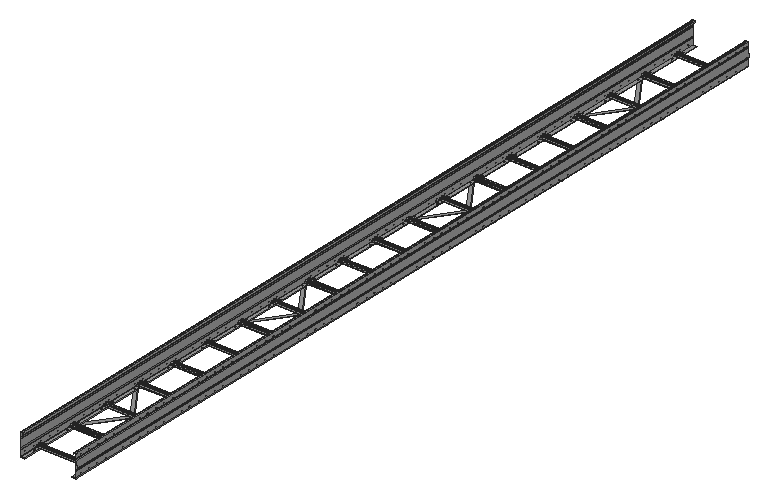
Revit family "WKLG1640", category Generic Models, Revit 2017 (continued)
Dimensions and locks
  Extrusion 134 sketch curve to Extrusion 134 sketch curve = 25 mm
  Extrusion 134 sketch curve to plane 69 = 12.5 mm
  Extrusion 135 sketch curve to Extrusion 135 sketch curve = 25 mm
  Extrusion 135 sketch curve to plane 70 = 12.5 mm
  Extrusion 136 sketch curve to Extrusion 136 sketch curve = 25 mm
  Extrusion 136 sketch curve to plane 71 = 12.5 mm
  Extrusion 137 sketch curve to Extrusion 137 sketch curve = 25 mm
  Extrusion 137 sketch curve to plane 72 = 12.5 mm
  Extrusion 138 sketch curve to Extrusion 138 sketch curve = 25 mm
  Extrusion 138 sketch curve to plane 73 = 12.5 mm
  Extrusion 139 sketch curve to Extrusion 139 sketch curve = 25 mm
  Extrusion 139 sketch curve to plane 74 = 12.5 mm
  Extrusion 140 sketch curve to Extrusion 140 sketch curve = 25 mm
  Extrusion 140 sketch curve to plane 75 = 12.5 mm
  Extrusion 141 sketch curve to Extrusion 141 sketch curve = 25 mm
  Extrusion 141 sketch curve to plane 76 = 12.5 mm
  Extrusion 142 sketch curve to Extrusion 142 sketch curve = 25 mm
  Extrusion 142 sketch curve to plane 77 = 12.5 mm
  Extrusion 143 sketch curve to Extrusion 143 sketch curve = 25 mm
  Extrusion 143 sketch curve to plane 78 = 12.5 mm
  Extrusion 144 sketch curve to Extrusion 144 sketch curve = 25 mm
  Extrusion 144 sketch curve to plane 79 = 12.5 mm
  Extrusion 145 sketch curve to Extrusion 145 sketch curve = 25 mm
  Extrusion 145 sketch curve to plane 80 = 12.5 mm
  Extrusion 146 sketch curve to Extrusion 146 sketch curve = 25 mm
  Extrusion 146 sketch curve to plane 81 = 12.5 mm
  Extrusion 147 sketch curve to Extrusion 147 sketch curve = 25 mm
  Extrusion 147 sketch curve to plane 82 = 12.5 mm
  Extrusion 148 sketch curve to Extrusion 148 sketch curve = 25 mm
  Extrusion 148 sketch curve to plane 83 = 12.5 mm
  Extrusion 149 sketch curve to Extrusion 149 sketch curve = 25 mm
  Extrusion 149 sketch curve to plane 84 = 12.5 mm
  Extrusion 150 sketch curve to Extrusion 150 sketch curve = 25 mm
  Extrusion 150 sketch curve to plane 85 = 12.5 mm
  Extrusion 151 sketch curve to Extrusion 151 sketch curve = 25 mm
  Extrusion 151 sketch curve to plane 86 = 12.5 mm
  Extrusion 152 sketch curve to Extrusion 152 sketch curve = 25 mm
  Extrusion 152 sketch curve to plane 87 = 12.5 mm
  Extrusion 153 sketch curve to Extrusion 153 sketch curve = 25 mm
  Extrusion 153 sketch curve to plane 88 = 12.5 mm
  Extrusion 154 sketch curve to Extrusion 154 sketch curve = 25 mm
  Extrusion 154 sketch curve to plane 89 = 12.5 mm
  Extrusion 155 sketch curve to Extrusion 155 sketch curve = 25 mm
  Extrusion 155 sketch curve to plane 90 = 12.5 mm
  Extrusion 156 sketch curve to Extrusion 156 sketch curve = 25 mm
  Extrusion 156 sketch curve to plane 91 = 12.5 mm
  Extrusion 157 sketch curve to Extrusion 157 sketch curve = 25 mm
  Extrusion 157 sketch curve to plane 92 = 12.5 mm
  Extrusion 158 sketch curve to Extrusion 158 sketch curve = 25 mm
  Extrusion 158 sketch curve to plane 93 = 12.5 mm
  Extrusion 159 sketch curve to Extrusion 159 sketch curve = 25 mm
  Extrusion 159 sketch curve to plane 94 = 12.5 mm
  Extrusion 160 sketch curve to Extrusion 160 sketch curve = 25 mm
  Extrusion 160 sketch curve to plane 95 = 12.5 mm
  Extrusion 161 sketch curve to Extrusion 161 sketch curve = 25 mm
  Extrusion 161 sketch curve to plane 96 = 12.5 mm
  Extrusion 162 sketch curve to Extrusion 162 sketch curve = 25 mm
  Extrusion 162 sketch curve to plane 97 = 12.5 mm
  locked: Extrusion 163 sketch curve to Extrusion 163 sketch curve at 25
  locked: Extrusion 163 sketch curve to Extrusion 163 sketch curve at 9
  locked: Extrusion 163 sketch curve to plane 98 at 12.5
  locked: cut or joined group 1 (Extrusion 2, Extrusion 163, Extrusion 164, Extrusion 165, Extrusion 166, Extrusion 167, Extrusion 168, Extrusion 169, Extrusion 170, Extrusion 171, Extrusion 172, Extrusion 173, Extrusion 174, Extrusion 175, Extrusion 176, Extrusion 177, Extrusion 178, Extrusion 179, Extrusion 180, Extrusion 181, Extrusion 182, Extrusion 183, Extrusion 184, Extrusion 185, Extrusion 186, Extrusion 187, Extrusion 188, Extrusion 189, Extrusion 190, Extrusion 191, Extrusion 192, Extrusion 193, Extrusion 194, Extrusion 195, Extrusion 196, Extrusion 197, Extrusion 198, Extrusion 199, Extrusion 200, Extrusion 201, Extrusion 202, Extrusion 203, Extrusion 204, Extrusion 205, Extrusion 206, Extrusion 207, Extrusion 208, Extrusion 209, Extrusion 210, Extrusion 211, Extrusion 212, Extrusion 213, Extrusion 214, Extrusion 215, Extrusion 216, Extrusion 217, Extrusion 218, Extrusion 219, Extrusion 220, Extrusion 221, Extrusion 222, Extrusion 223, Extrusion 224, Extrusion 225, Extrusion 226, Extrusion 227, Extrusion 228, Extrusion 229, Extrusion 230, Extrusion 231, Extrusion 232, Extrusion 233, Extrusion 234, Extrusion 235, Extrusion 236, Extrusion 237, Extrusion 238, Extrusion 239, Extrusion 240, Extrusion 241, Extrusion 242, Extrusion 243, Extrusion 244, Extrusion 245, Extrusion 246, Extrusion 247, Extrusion 248, Extrusion 249, Extrusion 250, Extrusion 251, Extrusion 252, Extrusion 253, Extrusion 254, Extrusion 255, Extrusion 256, Extrusion 257, Extrusion 258, Extrusion 259, Extrusion 260, Extrusion 261, Extrusion 262, Extrusion 263, Extrusion 264, Extrusion 265, Extrusion 266, Extrusion 267, Extrusion 268, Extrusion 269, Extrusion 270, Extrusion 271, Extrusion 272, Extrusion 273, Extrusion 274, Extrusion 275, Extrusion 276, Extrusion 277, Extrusion 278, Extrusion 279, Extrusion 280, Extrusion 281, Extrusion 282, Extrusion 283, Extrusion 284, Extrusion 285, Extrusion 286, Extrusion 287, Extrusion 288, Extrusion 289, Extrusion 290, Extrusion 291, Extrusion 292, Extrusion 293, Extrusion 294, Extrusion 295, Extrusion 296, Extrusion 297, Extrusion 298, Extrusion 299, Extrusion 300, Extrusion 301, Extrusion 302, Extrusion 303, Extrusion 304, Extrusion 305, Extrusion 306, Extrusion 307, Extrusion 308, Extrusion 309, Extrusion 310, Extrusion 311, Extrusion 312, Extrusion 313, Extrusion 314, Extrusion 315, Extrusion 316, Extrusion 317, Extrusion 318, Extrusion 319, Extrusion 320, Extrusion 321, Extrusion 322, Extrusion 324, Extrusion 325, Extrusion 326, Extrusion 327, Extrusion 328, Extrusion 329, Extrusion 330, Extrusion 331, Extrusion 332, Extrusion 333, Extrusion 334, Extrusion 335, Extrusion 336, Extrusion 337, Extrusion 338, Extrusion 339, Extrusion 340, Extrusion 341, Extrusion 342, Extrusion 343, Extrusion 344, Extrusion 345, Extrusion 346, Extrusion 347, Extrusion 348, Extrusion 349, Extrusion 350, Extrusion 351, Extrusion 352, Extrusion 353, Extrusion 354, Extrusion 355, Extrusion 356, Extrusion 357, Extrusion 358, Extrusion 359, Extrusion 360, Extrusion 361, Extrusion 362, Extrusion 363, Extrusion 404, Extrusion 407, Extrusion 409, Extrusion 411, Extrusion 413, Extrusion 415, Extrusion 417, Extrusion 419, Extrusion 421, Extrusion 423, Extrusion 425, Extrusion 427, Extrusion 429, Extrusion 431, Extrusion 433, Extrusion 435, Extrusion 437, Extrusion 439, Extrusion 441, Extrusion 443) to cut or joined group 1 at 50
  locked: Extrusion 164 sketch curve to Extrusion 164 sketch curve at 25
  locked: Extrusion 164 sketch curve to Extrusion 164 sketch curve at 9
  locked: Extrusion 164 sketch curve to plane 99 at 12.5
  equal spacing: group 159, group 160, group 161, group 162, group 163, group 164, group 165, group 166, group 167, group 168, group 169, group 170, group 171, group 172, group 173, group 174, group 175, group 176, group 177, group 178, group 179, group 180, group 181, group 182, group 183, group 184, group 185, group 186, group 187, group 188, group 189, group 190, group 191, group 192, group 193, group 194, group 195, group 196, group 197, group 198, group 199, group 200, group 201, group 202, group 203, group 204, group 205, group 206, group 207, group 208, group 209, group 210, group 211, group 212, group 213, group 214, group 215, group 216, group 217, group 218, group 219, group 220, group 221, group 222, group 223, group 224, group 225, group 226, group 227, group 228, group 229, group 230, group 231, group 232, group 233, group 234, group 235, group 236, group 237, group 238  (x3)
  locked: Extrusion 165 sketch curve to Extrusion 165 sketch curve at 25
  locked: Extrusion 165 sketch curve to Extrusion 165 sketch curve at 9
  locked: Extrusion 165 sketch curve to plane 100 at 12.5
  locked: Extrusion 166 sketch curve to Extrusion 166 sketch curve at 25
  locked: Extrusion 166 sketch curve to Extrusion 166 sketch curve at 9
  locked: Extrusion 166 sketch curve to plane 101 at 12.5
  locked: Extrusion 167 sketch curve to Extrusion 167 sketch curve at 25
  locked: Extrusion 167 sketch curve to Extrusion 167 sketch curve at 9
  locked: Extrusion 167 sketch curve to plane 102 at 12.5
  locked: Extrusion 168 sketch curve to Extrusion 168 sketch curve at 25
  locked: Extrusion 168 sketch curve to Extrusion 168 sketch curve at 9
  locked: Extrusion 168 sketch curve to plane 103 at 12.5
  locked: Extrusion 169 sketch curve to Extrusion 169 sketch curve at 25
  locked: Extrusion 169 sketch curve to Extrusion 169 sketch curve at 9
  locked: Extrusion 169 sketch curve to plane 104 at 12.5
  locked: Extrusion 170 sketch curve to Extrusion 170 sketch curve at 25
  locked: Extrusion 170 sketch curve to Extrusion 170 sketch curve at 9
  locked: Extrusion 170 sketch curve to plane 105 at 12.5
  locked: Extrusion 171 sketch curve to Extrusion 171 sketch curve at 25
  locked: Extrusion 171 sketch curve to Extrusion 171 sketch curve at 9
  locked: Extrusion 171 sketch curve to plane 106 at 12.5
  locked: Extrusion 172 sketch curve to Extrusion 172 sketch curve at 25
  locked: Extrusion 172 sketch curve to Extrusion 172 sketch curve at 9
  locked: Extrusion 172 sketch curve to plane 107 at 12.5
  locked: Extrusion 173 sketch curve to Extrusion 173 sketch curve at 25
  locked: Extrusion 173 sketch curve to Extrusion 173 sketch curve at 9
  locked: Extrusion 173 sketch curve to plane 108 at 12.5
  locked: Extrusion 174 sketch curve to Extrusion 174 sketch curve at 25
  locked: Extrusion 174 sketch curve to Extrusion 174 sketch curve at 9
  locked: Extrusion 174 sketch curve to plane 109 at 12.5
  locked: Extrusion 175 sketch curve to Extrusion 175 sketch curve at 25
  locked: Extrusion 175 sketch curve to Extrusion 175 sketch curve at 9
  locked: Extrusion 175 sketch curve to plane 110 at 12.5
  locked: Extrusion 176 sketch curve to Extrusion 176 sketch curve at 25
  locked: Extrusion 176 sketch curve to Extrusion 176 sketch curve at 9
  locked: Extrusion 176 sketch curve to plane 111 at 12.5
  locked: Extrusion 177 sketch curve to Extrusion 177 sketch curve at 25
  locked: Extrusion 177 sketch curve to Extrusion 177 sketch curve at 9
  locked: Extrusion 177 sketch curve to plane 112 at 12.5
  locked: Extrusion 178 sketch curve to Extrusion 178 sketch curve at 25
  locked: Extrusion 178 sketch curve to Extrusion 178 sketch curve at 9
  locked: Extrusion 178 sketch curve to plane 113 at 12.5
  locked: Extrusion 179 sketch curve to Extrusion 179 sketch curve at 25
  locked: Extrusion 179 sketch curve to Extrusion 179 sketch curve at 9
  locked: Extrusion 179 sketch curve to plane 114 at 12.5
  locked: Extrusion 180 sketch curve to Extrusion 180 sketch curve at 25
  locked: Extrusion 180 sketch curve to Extrusion 180 sketch curve at 9
  locked: Extrusion 180 sketch curve to plane 115 at 12.5
  locked: Extrusion 181 sketch curve to Extrusion 181 sketch curve at 25
  locked: Extrusion 181 sketch curve to Extrusion 181 sketch curve at 9
  locked: Extrusion 181 sketch curve to plane 116 at 12.5
  locked: Extrusion 182 sketch curve to Extrusion 182 sketch curve at 25
  locked: Extrusion 182 sketch curve to Extrusion 182 sketch curve at 9
  locked: Extrusion 182 sketch curve to plane 117 at 12.5
  locked: Extrusion 183 sketch curve to Extrusion 183 sketch curve at 25
  locked: Extrusion 183 sketch curve to Extrusion 183 sketch curve at 9
  locked: Extrusion 183 sketch curve to plane 118 at 12.5
  locked: Extrusion 184 sketch curve to Extrusion 184 sketch curve at 25
  locked: Extrusion 184 sketch curve to Extrusion 184 sketch curve at 9
  locked: Extrusion 184 sketch curve to plane 119 at 12.5
  locked: Extrusion 185 sketch curve to Extrusion 185 sketch curve at 25
  locked: Extrusion 185 sketch curve to Extrusion 185 sketch curve at 9
  locked: Extrusion 185 sketch curve to plane 120 at 12.5
  locked: Extrusion 186 sketch curve to Extrusion 186 sketch curve at 25
  locked: Extrusion 186 sketch curve to Extrusion 186 sketch curve at 9
  locked: Extrusion 186 sketch curve to plane 121 at 12.5
  locked: Extrusion 187 sketch curve to Extrusion 187 sketch curve at 25
  locked: Extrusion 187 sketch curve to Extrusion 187 sketch curve at 9
  locked: Extrusion 187 sketch curve to plane 122 at 12.5
  locked: Extrusion 188 sketch curve to Extrusion 188 sketch curve at 25
  locked: Extrusion 188 sketch curve to Extrusion 188 sketch curve at 9
  locked: Extrusion 188 sketch curve to plane 123 at 12.5
  locked: Extrusion 189 sketch curve to Extrusion 189 sketch curve at 25
  locked: Extrusion 189 sketch curve to Extrusion 189 sketch curve at 9
  locked: Extrusion 189 sketch curve to plane 124 at 12.5
  locked: Extrusion 190 sketch curve to Extrusion 190 sketch curve at 25
  locked: Extrusion 190 sketch curve to Extrusion 190 sketch curve at 9
  locked: Extrusion 190 sketch curve to plane 125 at 12.5
  locked: Extrusion 191 sketch curve to Extrusion 191 sketch curve at 25
  locked: Extrusion 191 sketch curve to Extrusion 191 sketch curve at 9
  locked: Extrusion 191 sketch curve to plane 126 at 12.5
  locked: Extrusion 192 sketch curve to Extrusion 192 sketch curve at 25
  locked: Extrusion 192 sketch curve to Extrusion 192 sketch curve at 9
  locked: Extrusion 192 sketch curve to plane 127 at 12.5
  locked: Extrusion 193 sketch curve to Extrusion 193 sketch curve at 25
  locked: Extrusion 193 sketch curve to Extrusion 193 sketch curve at 9
  locked: Extrusion 193 sketch curve to plane 128 at 12.5
  locked: Extrusion 194 sketch curve to Extrusion 194 sketch curve at 25
  locked: Extrusion 194 sketch curve to Extrusion 194 sketch curve at 9
  locked: Extrusion 194 sketch curve to plane 129 at 12.5
  locked: Extrusion 195 sketch curve to Extrusion 195 sketch curve at 25
  locked: Extrusion 195 sketch curve to Extrusion 195 sketch curve at 9
  locked: Extrusion 195 sketch curve to plane 130 at 12.5
  locked: Extrusion 196 sketch curve to Extrusion 196 sketch curve at 25
  locked: Extrusion 196 sketch curve to Extrusion 196 sketch curve at 9
  locked: Extrusion 196 sketch curve to plane 131 at 12.5
  locked: Extrusion 197 sketch curve to Extrusion 197 sketch curve at 25
  locked: Extrusion 197 sketch curve to Extrusion 197 sketch curve at 9
  locked: Extrusion 197 sketch curve to plane 132 at 12.5
  locked: Extrusion 198 sketch curve to Extrusion 198 sketch curve at 25
  locked: Extrusion 198 sketch curve to Extrusion 198 sketch curve at 9
  locked: Extrusion 198 sketch curve to plane 133 at 12.5
  locked: Extrusion 199 sketch curve to Extrusion 199 sketch curve at 25
  locked: Extrusion 199 sketch curve to Extrusion 199 sketch curve at 9
  locked: Extrusion 199 sketch curve to plane 134 at 12.5
  locked: Extrusion 200 sketch curve to Extrusion 200 sketch curve at 25
  locked: Extrusion 200 sketch curve to Extrusion 200 sketch curve at 9
  locked: Extrusion 200 sketch curve to plane 135 at 12.5
  locked: Extrusion 201 sketch curve to Extrusion 201 sketch curve at 25
  locked: Extrusion 201 sketch curve to Extrusion 201 sketch curve at 9
  locked: Extrusion 201 sketch curve to plane 136 at 12.5
  locked: Extrusion 202 sketch curve to Extrusion 202 sketch curve at 25
  locked: Extrusion 202 sketch curve to Extrusion 202 sketch curve at 9
  locked: Extrusion 202 sketch curve to plane 137 at 12.5
  locked: Extrusion 203 sketch curve to Extrusion 203 sketch curve at 25
  locked: Extrusion 203 sketch curve to Extrusion 203 sketch curve at 9
  locked: Extrusion 203 sketch curve to plane 138 at 12.5
  locked: Extrusion 204 sketch curve to Extrusion 204 sketch curve at 25
  locked: Extrusion 204 sketch curve to Extrusion 204 sketch curve at 9
  locked: Extrusion 204 sketch curve to plane 139 at 12.5
  locked: Extrusion 205 sketch curve to Extrusion 205 sketch curve at 25
  locked: Extrusion 205 sketch curve to Extrusion 205 sketch curve at 9
  locked: Extrusion 205 sketch curve to plane 140 at 12.5
  locked: Extrusion 206 sketch curve to Extrusion 206 sketch curve at 25
  locked: Extrusion 206 sketch curve to Extrusion 206 sketch curve at 9
  locked: Extrusion 206 sketch curve to plane 141 at 12.5
  locked: Extrusion 207 sketch curve to Extrusion 207 sketch curve at 25
  locked: Extrusion 207 sketch curve to Extrusion 207 sketch curve at 9
  locked: Extrusion 207 sketch curve to plane 142 at 12.5
  locked: Extrusion 208 sketch curve to Extrusion 208 sketch curve at 25
  locked: Extrusion 208 sketch curve to Extrusion 208 sketch curve at 9
  locked: Extrusion 208 sketch curve to plane 143 at 12.5
  locked: Extrusion 209 sketch curve to Extrusion 209 sketch curve at 25
  locked: Extrusion 209 sketch curve to Extrusion 209 sketch curve at 9
  locked: Extrusion 209 sketch curve to plane 144 at 12.5
  locked: Extrusion 210 sketch curve to Extrusion 210 sketch curve at 25
  locked: Extrusion 210 sketch curve to Extrusion 210 sketch curve at 9
  locked: Extrusion 210 sketch curve to plane 145 at 12.5
  locked: Extrusion 211 sketch curve to Extrusion 211 sketch curve at 25
  locked: Extrusion 211 sketch curve to Extrusion 211 sketch curve at 9
  locked: Extrusion 211 sketch curve to plane 146 at 12.5
  locked: Extrusion 212 sketch curve to Extrusion 212 sketch curve at 25
  locked: Extrusion 212 sketch curve to Extrusion 212 sketch curve at 9
  locked: Extrusion 212 sketch curve to plane 147 at 12.5
  locked: Extrusion 213 sketch curve to Extrusion 213 sketch curve at 25
  locked: Extrusion 213 sketch curve to Extrusion 213 sketch curve at 9
  locked: Extrusion 213 sketch curve to plane 148 at 12.5
  locked: Extrusion 214 sketch curve to Extrusion 214 sketch curve at 25
  locked: Extrusion 214 sketch curve to Extrusion 214 sketch curve at 9
  locked: Extrusion 214 sketch curve to plane 149 at 12.5
  locked: Extrusion 215 sketch curve to Extrusion 215 sketch curve at 25
  locked: Extrusion 215 sketch curve to Extrusion 215 sketch curve at 9
  locked: Extrusion 215 sketch curve to plane 150 at 12.5
  locked: Extrusion 216 sketch curve to Extrusion 216 sketch curve at 25
  locked: Extrusion 216 sketch curve to Extrusion 216 sketch curve at 9
  locked: Extrusion 216 sketch curve to plane 151 at 12.5
  locked: Extrusion 217 sketch curve to Extrusion 217 sketch curve at 25
  locked: Extrusion 217 sketch curve to Extrusion 217 sketch curve at 9
  locked: Extrusion 217 sketch curve to plane 152 at 12.5
  locked: Extrusion 218 sketch curve to Extrusion 218 sketch curve at 25
  locked: Extrusion 218 sketch curve to Extrusion 218 sketch curve at 9
  locked: Extrusion 218 sketch curve to plane 153 at 12.5
  locked: Extrusion 219 sketch curve to Extrusion 219 sketch curve at 25
  locked: Extrusion 219 sketch curve to Extrusion 219 sketch curve at 9
  locked: Extrusion 219 sketch curve to plane 154 at 12.5
  locked: Extrusion 220 sketch curve to Extrusion 220 sketch curve at 25
  locked: Extrusion 220 sketch curve to Extrusion 220 sketch curve at 9
  locked: Extrusion 220 sketch curve to plane 155 at 12.5
  locked: Extrusion 221 sketch curve to Extrusion 221 sketch curve at 25
  locked: Extrusion 221 sketch curve to Extrusion 221 sketch curve at 9
  locked: Extrusion 221 sketch curve to plane 156 at 12.5
  locked: Extrusion 222 sketch curve to Extrusion 222 sketch curve at 25
  locked: Extrusion 222 sketch curve to Extrusion 222 sketch curve at 9
  locked: Extrusion 222 sketch curve to plane 157 at 12.5
  locked: Extrusion 223 sketch curve to Extrusion 223 sketch curve at 25
  locked: Extrusion 223 sketch curve to Extrusion 223 sketch curve at 9
  locked: Extrusion 223 sketch curve to plane 158 at 12.5
  locked: Extrusion 224 sketch curve to Extrusion 224 sketch curve at 25
  locked: Extrusion 224 sketch curve to Extrusion 224 sketch curve at 9
  locked: Extrusion 224 sketch curve to plane 159 at 12.5
  locked: Extrusion 225 sketch curve to Extrusion 225 sketch curve at 25
  locked: Extrusion 225 sketch curve to Extrusion 225 sketch curve at 9
  locked: Extrusion 225 sketch curve to plane 160 at 12.5
  locked: Extrusion 226 sketch curve to Extrusion 226 sketch curve at 25
  locked: Extrusion 226 sketch curve to Extrusion 226 sketch curve at 9
  locked: Extrusion 226 sketch curve to plane 161 at 12.5
  locked: Extrusion 227 sketch curve to Extrusion 227 sketch curve at 25
  locked: Extrusion 227 sketch curve to Extrusion 227 sketch curve at 9
  locked: Extrusion 227 sketch curve to plane 162 at 12.5
  locked: Extrusion 228 sketch curve to Extrusion 228 sketch curve at 25
  locked: Extrusion 228 sketch curve to Extrusion 228 sketch curve at 9
  locked: Extrusion 228 sketch curve to plane 163 at 12.5
  locked: Extrusion 229 sketch curve to Extrusion 229 sketch curve at 25
  locked: Extrusion 229 sketch curve to Extrusion 229 sketch curve at 9
  locked: Extrusion 229 sketch curve to plane 164 at 12.5
  locked: Extrusion 230 sketch curve to Extrusion 230 sketch curve at 25
  locked: Extrusion 230 sketch curve to Extrusion 230 sketch curve at 9
  locked: Extrusion 230 sketch curve to plane 165 at 12.5
  locked: Extrusion 231 sketch curve to Extrusion 231 sketch curve at 25
  locked: Extrusion 231 sketch curve to Extrusion 231 sketch curve at 9
  locked: Extrusion 231 sketch curve to plane 166 at 12.5
  locked: Extrusion 232 sketch curve to Extrusion 232 sketch curve at 25
  locked: Extrusion 232 sketch curve to Extrusion 232 sketch curve at 9
  locked: Extrusion 232 sketch curve to plane 167 at 12.5
  locked: Extrusion 233 sketch curve to Extrusion 233 sketch curve at 25
  locked: Extrusion 233 sketch curve to Extrusion 233 sketch curve at 9
  locked: Extrusion 233 sketch curve to plane 168 at 12.5
  locked: Extrusion 234 sketch curve to Extrusion 234 sketch curve at 25
  locked: Extrusion 234 sketch curve to Extrusion 234 sketch curve at 9
  locked: Extrusion 234 sketch curve to plane 169 at 12.5
  locked: Extrusion 235 sketch curve to Extrusion 235 sketch curve at 25
  locked: Extrusion 235 sketch curve to Extrusion 235 sketch curve at 9
  locked: Extrusion 235 sketch curve to plane 170 at 12.5
  locked: Extrusion 236 sketch curve to Extrusion 236 sketch curve at 25
  locked: Extrusion 236 sketch curve to Extrusion 236 sketch curve at 9
  locked: Extrusion 236 sketch curve to plane 171 at 12.5
  locked: Extrusion 237 sketch curve to Extrusion 237 sketch curve at 25
  locked: Extrusion 237 sketch curve to Extrusion 237 sketch curve at 9
  locked: Extrusion 237 sketch curve to plane 172 at 12.5
  locked: Extrusion 238 sketch curve to Extrusion 238 sketch curve at 25
  locked: Extrusion 238 sketch curve to Extrusion 238 sketch curve at 9
  locked: Extrusion 238 sketch curve to plane 173 at 12.5
  locked: Extrusion 239 sketch curve to Extrusion 239 sketch curve at 25
  locked: Extrusion 239 sketch curve to Extrusion 239 sketch curve at 9
  locked: Extrusion 239 sketch curve to plane 174 at 12.5
  locked: Extrusion 240 sketch curve to Extrusion 240 sketch curve at 25
  locked: Extrusion 240 sketch curve to Extrusion 240 sketch curve at 9
  locked: Extrusion 240 sketch curve to plane 175 at 12.5
  locked: Extrusion 241 sketch curve to Extrusion 241 sketch curve at 25
  locked: Extrusion 241 sketch curve to Extrusion 241 sketch curve at 9
  locked: Extrusion 241 sketch curve to plane 176 at 12.5
  locked: Extrusion 242 sketch curve to Extrusion 242 sketch curve at 25
  locked: Extrusion 242 sketch curve to Extrusion 242 sketch curve at 9
  locked: Extrusion 242 sketch curve to plane 177 at 12.5
  locked: Extrusion 243 sketch curve to Extrusion 243 sketch curve at 9
  locked: Extrusion 243 sketch curve to Extrusion 243 sketch curve at 25
  locked: Extrusion 244 sketch curve to Extrusion 244 sketch curve at 9
  locked: Extrusion 244 sketch curve to Extrusion 244 sketch curve at 25
  equal spacing: group 239, group 240, group 241, group 242, group 243, group 244, group 245, group 246, group 247, group 248, group 249, group 250, group 251, group 252, group 253, group 254, group 255, group 256, group 257, group 258, group 259, group 260, group 261, group 262, group 263, group 264, group 265, group 266, group 267, group 268, group 269, group 270, group 271, group 272, group 273, group 274, group 275, group 276, group 277, group 278, group 279, group 280, group 281, group 282, group 283, group 284, group 285, group 286, group 287, group 288, group 289, group 290, group 291, group 292, group 293, group 294, group 295, group 296, group 297, group 298, group 299, group 300, group 301, group 302, group 303, group 304, group 305, group 306, group 307, group 308, group 309, group 310, group 311, group 312, group 313, group 314, group 315, group 316, group 317, group 318  (x3)
  locked: Extrusion 245 sketch curve to Extrusion 245 sketch curve at 9
  locked: Extrusion 245 sketch curve to Extrusion 245 sketch curve at 25
  locked: Extrusion 246 sketch curve to Extrusion 246 sketch curve at 9
  locked: Extrusion 246 sketch curve to Extrusion 246 sketch curve at 25
  locked: Extrusion 247 sketch curve to Extrusion 247 sketch curve at 9
  locked: Extrusion 247 sketch curve to Extrusion 247 sketch curve at 25
  locked: Extrusion 248 sketch curve to Extrusion 248 sketch curve at 9
  locked: Extrusion 248 sketch curve to Extrusion 248 sketch curve at 25
  locked: Extrusion 249 sketch curve to Extrusion 249 sketch curve at 9
  locked: Extrusion 249 sketch curve to Extrusion 249 sketch curve at 25
  locked: Extrusion 250 sketch curve to Extrusion 250 sketch curve at 9
  locked: Extrusion 250 sketch curve to Extrusion 250 sketch curve at 25
  locked: Extrusion 251 sketch curve to Extrusion 251 sketch curve at 9
  locked: Extrusion 251 sketch curve to Extrusion 251 sketch curve at 25
  locked: Extrusion 252 sketch curve to Extrusion 252 sketch curve at 9
  locked: Extrusion 252 sketch curve to Extrusion 252 sketch curve at 25
  locked: Extrusion 253 sketch curve to Extrusion 253 sketch curve at 9
  locked: Extrusion 253 sketch curve to Extrusion 253 sketch curve at 25
  locked: Extrusion 254 sketch curve to Extrusion 254 sketch curve at 9
  locked: Extrusion 254 sketch curve to Extrusion 254 sketch curve at 25
  locked: Extrusion 255 sketch curve to Extrusion 255 sketch curve at 9
  locked: Extrusion 255 sketch curve to Extrusion 255 sketch curve at 25
  locked: Extrusion 256 sketch curve to Extrusion 256 sketch curve at 9
  locked: Extrusion 256 sketch curve to Extrusion 256 sketch curve at 25
  locked: Extrusion 257 sketch curve to Extrusion 257 sketch curve at 9
  locked: Extrusion 257 sketch curve to Extrusion 257 sketch curve at 25
  locked: Extrusion 258 sketch curve to Extrusion 258 sketch curve at 9
  locked: Extrusion 258 sketch curve to Extrusion 258 sketch curve at 25
  locked: Extrusion 259 sketch curve to Extrusion 259 sketch curve at 9
  locked: Extrusion 259 sketch curve to Extrusion 259 sketch curve at 25
  locked: Extrusion 260 sketch curve to Extrusion 260 sketch curve at 9
  locked: Extrusion 260 sketch curve to Extrusion 260 sketch curve at 25
  locked: Extrusion 261 sketch curve to Extrusion 261 sketch curve at 9
  locked: Extrusion 261 sketch curve to Extrusion 261 sketch curve at 25
  locked: Extrusion 262 sketch curve to Extrusion 262 sketch curve at 9
  locked: Extrusion 262 sketch curve to Extrusion 262 sketch curve at 25
  locked: Extrusion 263 sketch curve to Extrusion 263 sketch curve at 9
  locked: Extrusion 263 sketch curve to Extrusion 263 sketch curve at 25
  locked: Extrusion 264 sketch curve to Extrusion 264 sketch curve at 9
  locked: Extrusion 264 sketch curve to Extrusion 264 sketch curve at 25
  locked: Extrusion 265 sketch curve to Extrusion 265 sketch curve at 9
  locked: Extrusion 265 sketch curve to Extrusion 265 sketch curve at 25
  locked: Extrusion 266 sketch curve to Extrusion 266 sketch curve at 9
  locked: Extrusion 266 sketch curve to Extrusion 266 sketch curve at 25
  locked: Extrusion 267 sketch curve to Extrusion 267 sketch curve at 9
  locked: Extrusion 267 sketch curve to Extrusion 267 sketch curve at 25
  locked: Extrusion 268 sketch curve to Extrusion 268 sketch curve at 9
  locked: Extrusion 268 sketch curve to Extrusion 268 sketch curve at 25
  locked: Extrusion 269 sketch curve to Extrusion 269 sketch curve at 9
  locked: Extrusion 269 sketch curve to Extrusion 269 sketch curve at 25
  locked: Extrusion 270 sketch curve to Extrusion 270 sketch curve at 9
  locked: Extrusion 270 sketch curve to Extrusion 270 sketch curve at 25
  locked: Extrusion 271 sketch curve to Extrusion 271 sketch curve at 9
  locked: Extrusion 271 sketch curve to Extrusion 271 sketch curve at 25
  locked: Extrusion 272 sketch curve to Extrusion 272 sketch curve at 9
  locked: Extrusion 272 sketch curve to Extrusion 272 sketch curve at 25
  locked: Extrusion 273 sketch curve to Extrusion 273 sketch curve at 9
  locked: Extrusion 273 sketch curve to Extrusion 273 sketch curve at 25
  locked: Extrusion 274 sketch curve to Extrusion 274 sketch curve at 9
  locked: Extrusion 274 sketch curve to Extrusion 274 sketch curve at 25
  locked: Extrusion 275 sketch curve to Extrusion 275 sketch curve at 9
  locked: Extrusion 275 sketch curve to Extrusion 275 sketch curve at 25
  locked: Extrusion 276 sketch curve to Extrusion 276 sketch curve at 9
  locked: Extrusion 276 sketch curve to Extrusion 276 sketch curve at 25
  locked: Extrusion 277 sketch curve to Extrusion 277 sketch curve at 9
  locked: Extrusion 277 sketch curve to Extrusion 277 sketch curve at 25
  locked: Extrusion 278 sketch curve to Extrusion 278 sketch curve at 9
  locked: Extrusion 278 sketch curve to Extrusion 278 sketch curve at 25
  locked: Extrusion 279 sketch curve to Extrusion 279 sketch curve at 9
  locked: Extrusion 279 sketch curve to Extrusion 279 sketch curve at 25
  locked: Extrusion 280 sketch curve to Extrusion 280 sketch curve at 9
  locked: Extrusion 280 sketch curve to Extrusion 280 sketch curve at 25
  locked: Extrusion 281 sketch curve to Extrusion 281 sketch curve at 9
  locked: Extrusion 281 sketch curve to Extrusion 281 sketch curve at 25
  locked: Extrusion 282 sketch curve to Extrusion 282 sketch curve at 9
  locked: Extrusion 282 sketch curve to Extrusion 282 sketch curve at 25
  locked: Extrusion 283 sketch curve to Extrusion 283 sketch curve at 9
  locked: Extrusion 283 sketch curve to Extrusion 283 sketch curve at 25
  locked: Extrusion 284 sketch curve to Extrusion 284 sketch curve at 9
  locked: Extrusion 284 sketch curve to Extrusion 284 sketch curve at 25
  locked: Extrusion 285 sketch curve to Extrusion 285 sketch curve at 9
  locked: Extrusion 285 sketch curve to Extrusion 285 sketch curve at 25
  locked: Extrusion 286 sketch curve to Extrusion 286 sketch curve at 9
  locked: Extrusion 286 sketch curve to Extrusion 286 sketch curve at 25
  locked: Extrusion 287 sketch curve to Extrusion 287 sketch curve at 9
  locked: Extrusion 287 sketch curve to Extrusion 287 sketch curve at 25
  locked: Extrusion 288 sketch curve to Extrusion 288 sketch curve at 9
  locked: Extrusion 288 sketch curve to Extrusion 288 sketch curve at 25
  locked: Extrusion 289 sketch curve to Extrusion 289 sketch curve at 9
  locked: Extrusion 289 sketch curve to Extrusion 289 sketch curve at 25
  locked: Extrusion 290 sketch curve to Extrusion 290 sketch curve at 9
  locked: Extrusion 290 sketch curve to Extrusion 290 sketch curve at 25
  locked: Extrusion 291 sketch curve to Extrusion 291 sketch curve at 9
  locked: Extrusion 291 sketch curve to Extrusion 291 sketch curve at 25
  locked: Extrusion 292 sketch curve to Extrusion 292 sketch curve at 9
  locked: Extrusion 292 sketch curve to Extrusion 292 sketch curve at 25
  locked: Extrusion 293 sketch curve to Extrusion 293 sketch curve at 9
  locked: Extrusion 293 sketch curve to Extrusion 293 sketch curve at 25
  locked: Extrusion 294 sketch curve to Extrusion 294 sketch curve at 9
  locked: Extrusion 294 sketch curve to Extrusion 294 sketch curve at 25
  locked: Extrusion 295 sketch curve to Extrusion 295 sketch curve at 9
  locked: Extrusion 295 sketch curve to Extrusion 295 sketch curve at 25
  locked: Extrusion 296 sketch curve to Extrusion 296 sketch curve at 9
  locked: Extrusion 296 sketch curve to Extrusion 296 sketch curve at 25
  locked: Extrusion 297 sketch curve to Extrusion 297 sketch curve at 9
  locked: Extrusion 297 sketch curve to Extrusion 297 sketch curve at 25
  locked: Extrusion 298 sketch curve to Extrusion 298 sketch curve at 9
  locked: Extrusion 298 sketch curve to Extrusion 298 sketch curve at 25
  locked: Extrusion 299 sketch curve to Extrusion 299 sketch curve at 9
  locked: Extrusion 299 sketch curve to Extrusion 299 sketch curve at 25
  locked: Extrusion 300 sketch curve to Extrusion 300 sketch curve at 9
  locked: Extrusion 300 sketch curve to Extrusion 300 sketch curve at 25
  locked: Extrusion 301 sketch curve to Extrusion 301 sketch curve at 9
  locked: Extrusion 301 sketch curve to Extrusion 301 sketch curve at 25
  locked: Extrusion 302 sketch curve to Extrusion 302 sketch curve at 9
  locked: Extrusion 302 sketch curve to Extrusion 302 sketch curve at 25
  locked: Extrusion 303 sketch curve to Extrusion 303 sketch curve at 9
  locked: Extrusion 303 sketch curve to Extrusion 303 sketch curve at 25
  locked: Extrusion 304 sketch curve to Extrusion 304 sketch curve at 9
  locked: Extrusion 304 sketch curve to Extrusion 304 sketch curve at 25
  locked: Extrusion 305 sketch curve to Extrusion 305 sketch curve at 9
  locked: Extrusion 305 sketch curve to Extrusion 305 sketch curve at 25
  locked: Extrusion 306 sketch curve to Extrusion 306 sketch curve at 9
  locked: Extrusion 306 sketch curve to Extrusion 306 sketch curve at 25
  locked: Extrusion 307 sketch curve to Extrusion 307 sketch curve at 9
  locked: Extrusion 307 sketch curve to Extrusion 307 sketch curve at 25
  locked: Extrusion 308 sketch curve to Extrusion 308 sketch curve at 9
  locked: Extrusion 308 sketch curve to Extrusion 308 sketch curve at 25
  locked: Extrusion 309 sketch curve to Extrusion 309 sketch curve at 9
  locked: Extrusion 309 sketch curve to Extrusion 309 sketch curve at 25
  locked: Extrusion 310 sketch curve to Extrusion 310 sketch curve at 9
  locked: Extrusion 310 sketch curve to Extrusion 310 sketch curve at 25
  locked: Extrusion 311 sketch curve to Extrusion 311 sketch curve at 9
  locked: Extrusion 311 sketch curve to Extrusion 311 sketch curve at 25
  locked: Extrusion 312 sketch curve to Extrusion 312 sketch curve at 9
  locked: Extrusion 312 sketch curve to Extrusion 312 sketch curve at 25
  locked: Extrusion 313 sketch curve to Extrusion 313 sketch curve at 9
  locked: Extrusion 313 sketch curve to Extrusion 313 sketch curve at 25
  locked: Extrusion 314 sketch curve to Extrusion 314 sketch curve at 9
  locked: Extrusion 314 sketch curve to Extrusion 314 sketch curve at 25
  locked: Extrusion 315 sketch curve to Extrusion 315 sketch curve at 9
  locked: Extrusion 315 sketch curve to Extrusion 315 sketch curve at 25
  locked: Extrusion 316 sketch curve to Extrusion 316 sketch curve at 9
  locked: Extrusion 316 sketch curve to Extrusion 316 sketch curve at 25
  locked: Extrusion 317 sketch curve to Extrusion 317 sketch curve at 9
  locked: Extrusion 317 sketch curve to Extrusion 317 sketch curve at 25
  locked: Extrusion 318 sketch curve to Extrusion 318 sketch curve at 9
  locked: Extrusion 318 sketch curve to Extrusion 318 sketch curve at 25
  locked: Extrusion 319 sketch curve to Extrusion 319 sketch curve at 9
  locked: Extrusion 319 sketch curve to Extrusion 319 sketch curve at 25
  locked: Extrusion 320 sketch curve to Extrusion 320 sketch curve at 9
  locked: Extrusion 320 sketch curve to Extrusion 320 sketch curve at 25
  locked: Extrusion 321 sketch curve to Extrusion 321 sketch curve at 9
  locked: Extrusion 321 sketch curve to Extrusion 321 sketch curve at 25
  locked: Extrusion 322 sketch curve to Extrusion 322 sketch curve at 9
  locked: Extrusion 322 sketch curve to Extrusion 322 sketch curve at 25
  locked: cut or joined group 2 (Extrusion 1, Extrusion 3, Extrusion 4, Extrusion 5, Extrusion 6, Extrusion 7, Extrusion 8, Extrusion 9, Extrusion 10, Extrusion 11, Extrusion 12, Extrusion 13, Extrusion 14, Extrusion 15, Extrusion 16, Extrusion 17, Extrusion 18, Extrusion 19, Extrusion 20, Extrusion 21, Extrusion 22, Extrusion 23, Extrusion 24, Extrusion 25, Extrusion 26, Extrusion 27, Extrusion 28, Extrusion 29, Extrusion 30, Extrusion 31, Extrusion 32, Extrusion 33, Extrusion 34, Extrusion 35, Extrusion 36, Extrusion 37, Extrusion 38, Extrusion 39, Extrusion 40, Extrusion 41, Extrusion 42, Extrusion 43, Extrusion 44, Extrusion 45, Extrusion 46, Extrusion 47, Extrusion 48, Extrusion 49, Extrusion 50, Extrusion 51, Extrusion 52, Extrusion 53, Extrusion 54, Extrusion 55, Extrusion 56, Extrusion 57, Extrusion 58, Extrusion 59, Extrusion 60, Extrusion 61, Extrusion 62, Extrusion 63, Extrusion 64, Extrusion 65, Extrusion 66, Extrusion 67, Extrusion 68, Extrusion 69, Extrusion 70, Extrusion 71, Extrusion 72, Extrusion 73, Extrusion 74, Extrusion 75, Extrusion 76, Extrusion 77, Extrusion 78, Extrusion 79, Extrusion 80, Extrusion 81, Extrusion 82, Extrusion 83, Extrusion 84, Extrusion 85, Extrusion 86, Extrusion 87, Extrusion 88, Extrusion 89, Extrusion 90, Extrusion 91, Extrusion 92, Extrusion 93, Extrusion 94, Extrusion 95, Extrusion 96, Extrusion 97, Extrusion 98, Extrusion 99, Extrusion 100, Extrusion 101, Extrusion 102, Extrusion 103, Extrusion 104, Extrusion 105, Extrusion 106, Extrusion 107, Extrusion 108, Extrusion 109, Extrusion 110, Extrusion 111, Extrusion 112, Extrusion 113, Extrusion 114, Extrusion 115, Extrusion 116, Extrusion 117, Extrusion 118, Extrusion 119, Extrusion 120, Extrusion 121, Extrusion 122, Extrusion 123, Extrusion 124, Extrusion 125, Extrusion 126, Extrusion 127, Extrusion 128, Extrusion 129, Extrusion 130, Extrusion 131, Extrusion 132, Extrusion 133, Extrusion 134, Extrusion 135, Extrusion 136, Extrusion 137, Extrusion 138, Extrusion 139, Extrusion 140, Extrusion 141, Extrusion 142, Extrusion 143, Extrusion 144, Extrusion 145, Extrusion 146, Extrusion 147, Extrusion 148, Extrusion 149, Extrusion 150, Extrusion 151, Extrusion 152, Extrusion 153, Extrusion 154, Extrusion 155, Extrusion 156, Extrusion 157, Extrusion 158, Extrusion 159, Extrusion 160, Extrusion 161, Extrusion 162, Extrusion 163, Extrusion 364, Extrusion 365, Extrusion 366, Extrusion 367, Extrusion 368, Extrusion 369, Extrusion 370, Extrusion 371, Extrusion 372, Extrusion 373, Extrusion 374, Extrusion 375, Extrusion 376, Extrusion 377, Extrusion 378, Extrusion 379, Extrusion 380, Extrusion 381, Extrusion 382, Extrusion 383, Extrusion 384, Extrusion 385, Extrusion 386, Extrusion 387, Extrusion 388, Extrusion 389, Extrusion 390, Extrusion 391, Extrusion 392, Extrusion 393, Extrusion 394, Extrusion 395, Extrusion 396, Extrusion 397, Extrusion 398, Extrusion 399, Extrusion 400, Extrusion 401, Extrusion 402, Extrusion 403, Extrusion 404, Extrusion 407, Extrusion 409, Extrusion 411, Extrusion 413, Extrusion 415, Extrusion 417, Extrusion 419, Extrusion 421, Extrusion 423, Extrusion 425, Extrusion 427, Extrusion 429, Extrusion 431, Extrusion 433, Extrusion 435, Extrusion 437, Extrusion 439, Extrusion 441, Extrusion 443) to plane 178 at 150
  locked: plane 178 to plane 179 at 300
  Extrusion 323 sketch curve to Extrusion 323 sketch curve = 1.5 mm
  locked: Extrusion 323 sketch curve to Extrusion 323 sketch curve at 1.5
  locked: cut or joined group 2 to Extrusion 323 at 18.468
  locked: Extrusion 323 to cut or joined group 2 at 18.283
  locked: Extrusion 323 to Extrusion 323 at 1.5
  locked: Extrusion 323 to cut or joined group 2 at 37.709
  locked: Extrusion 323 to cut or joined group 2 at 37.527
  locked: cut or joined group 2 to plane 181 at 13.537
  locked: plane 178 to plane 182 at 50
  locked: plane 183 to plane 178 at 50
